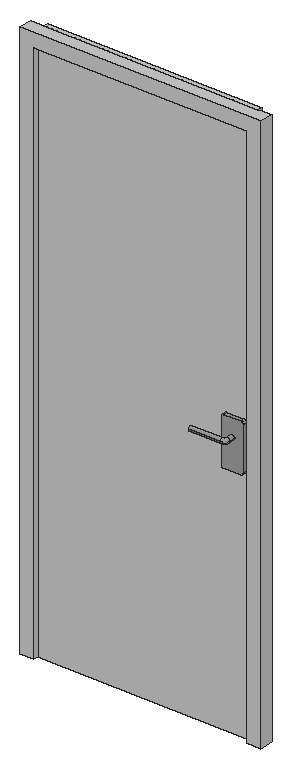
Revit family "AVLN_Дверь_Калитка", category Двери, Revit 2021
Family settings
  Основа = Стена
  Номер OmniClass = 23.30.10.00
  Заголовок OmniClass = Doors
  Всегда вертикально = Да
  При загрузке вырезать с полостями = Нет
  Общий = Нет
  Точка принадлежности помещению = Нет
Parameters (values of type "900х2050(h)_Калитка_П")
  Ширина полотна [instance] = Width - Монтажный зазор * 2 - Коробка толщина * 2  # 800 mm
  Тонкая линия проема = yes
  Толщина = 30 mm  # constant formula
  С1 [instance] = if(Смещение проема = 0 mm, 1 mm, 0 mm)  # 0 mm
  Порог_наружный_смещение [instance] = 50 mm
  Порог_внутренний_смещение [instance] = 50 mm
  Порог_внуренний [instance] = no
  Порог [instance] = no
  Определить тепловые свойства по = Тип схем
  Описание = "Дверь деревянная глухая межкомнатаная"
  Смещение проема [instance] = 50 mm
  Смещение внутрь = 0 mm
  Ручка смещение = 60 mm  # constant formula
  Ручка высота = 1000 mm  # constant formula
  Рабочая зона = no
  Rough Width = Width - Монтажный зазор * 2  # 900 mm
  Rough Height = Height - Монтажный зазор  # 2050 mm
  Правая = yes
  Окрывание 30° = yes
  Монтажный зазор сверху [instance] = if(Смещение проема = 0 mm, Монтажный зазор, Монтажный зазор)  # 0 mm
  Монтажный зазор = 0 mm  # constant formula
  Матиал_Коробка = Сталь
  Материал_Рабочая зона = none
  Материал_Полотно = Профилированный лист
  Материал_Монтажный зазор = Монтажный зазор
  Материал_Стекло = Остекление
  Материал_Дверной ручки = По умолчанию
  Левая = not(Правая)  # no
  Коробка.Профиль = 1 mm  # constant formula
  Коробка толщина = 50 mm  # constant formula
  Type Comments = ""
  Заполнение под проемом_Видимость [instance] = if(Смещение проема = 0 mm, 1 = 0, 1 = 1)  # yes
  Функция = Наружные слои
  Группа модели = "Калитка"
  Height = 2050 mm
  Замыкание стены = По основе
  Width = 900 mm
  Аналитическая конструкция = "<Нет>"
  АВЛН_Проем_Ширина [instance] = Width  # 900 mm
  АВЛН_Проем_Высота [instance] = Height + Смещение проема  # 2100 mm
  ADSK_Размер_Высота [instance] = if(Смещение проема = 0 mm, Height, Height)  # 2050 mm
  ADSK_Примечание [instance] = ""
  ADSK_Позиция [instance] = ""
  ADSK_Обозначение = "Индивидуальное изготовление"
  ADSK_Наименование = "ДСВ Оп 2090-900 Пр"
  ADSK_Масса = 0
  ADSK_Марка [instance] = ""
  ADSK_Количество [instance] = 0
  ADSK_Единица измерения [instance] = ""
Types (4, lengths in mm): name | Rough Height | Правая | Левая | Type Comments | Height | АВЛН_Проем_Высота | ADSK_Размер_Высота | ADSK_Обозначение | ADSK_Наименование
  900х2050(h)_Калитка_П | 2050 | yes | no | "" | 2050 | 2100 | 2050 | "Индивидуальное изготовление" | "ДСВ Оп 2090-900 Пр"
  900х2050(h)_Калитка_Л | 2050 | no | yes | "" | 2050 | 2100 | 2050 | "Индивидуальное изготовление" | "ДСВ Оп 2090-900 Л"
  900х2090(h)_Калитка_П | 2090 | yes | no | "Двери внутренние" | 2090 | 2140 | 2090 | "ГОСТ 31173-2016" | "ДСВ Оп 2090-900 Прг Пр Н П2лс"
  900х2090(h)_Калитка_Л | 2090 | no | yes | "Двери внутренние" | 2090 | 2140 | 2090 | "ГОСТ 31173-2016" | "ДСВ Оп 2090-900 Прг Л Н П2лс"
Reference planes
  plane 1: y = 0
  plane 2 "По центру (Влево/Вправо)": x = 0
  plane 3 "Слева": x = -450
  plane 4 "Справа": x = 450
  plane 5: z = 2100
  plane 6 "Наружный": y = 150
  plane 7 "Внутренние": y = -150
  plane 8: z = 50
  plane 9: x = -450
  plane 10: x = 450
  plane 11: x = 400
  plane 12: x = -400
  plane 13: z = 2100
  plane 14: z = 2050
  plane 15 "Полотно_Н": y = 150
  plane 16 "Полотно_В": y = 120
  plane 17: x = -340
  plane 18: x = 340
  plane 19: z = 1000
  plane 20: z = 1050
  plane 21 "Короб_В": y = 100
  plane 22: x = -399
  plane 23: x = 399
  plane 24: z = 2049
  plane 25: y = 1050
  plane 26: x = 300
  plane 27: z = 1950
  plane 28: x = -300
  plane 29: z = 1200
  plane 30: y = 135
  plane 31: y = 142.5
  plane 32: y = 127.5
  plane 33: y = 200
  plane 34: y = -200
  plane 35: z = 50
Forms (mm)
  Extrusion 1, solid, material "Профилированный лист" <- "Материал_Полотно", detail levels fine
    sketch origin (0, 150, 0) x (1, 0, 0) y (0, 0, 1)
      loop
        line (400, 2100) -> (-400, 2100) -> (-400, 50) -> (400, 50) -> (400, 2100)
    from -15 to 0
  Sweep 2, solid, material "Сталь" <- "Матиал_Коробка"
    path origin (0, 150, 0) x (-1, 0, 0) y (0, 0, 1)
      loop
        line (400, 0) -> (400, 2050) -> (-400, 2050) -> (-400, 0)
    profile origin (-400, 150, 1025) x (0, 1, 0) y (-1, 0, 0)
      loop
        line (0, 50) -> (-50, 50) -> (-50, -1) -> (-30, -1) -> (-30, 0) -> (0, 0) -> (0, 50)
  Extrusion 3, void
    sketch origin (0, 0, 0) x (1, 0, 0) y (0, 1, 0)
      loop
        line (-450, 1050) -> (-450, 150) -> (450, 150) -> (450, 1050) -> (-450, 1050)
    from 50 to 2100
  Extrusion 4, solid, material "Профилированный лист" <- "Материал_Полотно"
    sketch origin (0, 150, 0) x (1, 0, 0) y (0, 0, 1)
      loop
        line (400, 2050) -> (-400, 2050) -> (-400, 0) -> (400, 0) -> (400, 2050)
    from 0 to 30
Lines and regions (mm)
  Opening 1
    outline origin (-3050, -150, 0) x (1, 0, 0) y (0, 0, 1)
      loop
        line (2600, 0) -> (3500, 0) -> (3500, 2100) -> (2600, 2100) -> (2600, 0)
  Masking region 1, visible <- "Тонкая линия проема"
    outline origin (95.796, -283.072, 0) x (1, 0, 0) y (0, 1, 0)
      loop
        line (-549.745, 443.072) -> (-545.796, 433.072) -> (-545.796, 133.072) -> (-545.796, 123.072) -> (354.204, 123.072) -> (354.204, 133.072) -> (354.204, 433.072) -> (356.729, 443.072) -> (-549.745, 443.072)
  model lines, style "Открывание_Внутрь", visible <- "Левая"
    curve 1: line (399, 120, 2049) -> (-399, 120, 1050)
    curve 2: line (-399, 120, 1050) -> (399, 120, 0)
  model lines, style "Открывание_Внутрь", visible <- "Правая"
    curve 3: line (-399, 120, 0) -> (399, 120, 1050)
    curve 4: line (399, 120, 1050) -> (-399, 120, 2049)
  model lines, style "Открывание_Наружу", visible <- "Правая"
    curve 5: line (-400, 165, 0) -> (399, 165, 1050)
    curve 6: line (399, 165, 1050) -> (-400, 165, 2050)
  model lines, style "Открывание_Наружу", visible <- "Левая"
    curve 7: line (400, 150, 2050) -> (-399, 150, 1050)
    curve 8: line (-399, 150, 1050) -> (400, 150, 0)
  model lines, style "Рабочая зона", visible <- "Рабочая зона"
    curve 9: line (-450, 150, 0) -> (-450, 1050, 0)
    curve 10: line (-450, 1050, 0) -> (450, 1050, 0)
    curve 11: line (450, 150, 0) -> (450, 1050, 0)
  symbolic lines, style "Порог", visible <- "Порог_внуренний"
    curve 12: line (-450, -200, 0) -> (450, -200, 0)
  symbolic lines, style "Порог", visible <- "Порог"
    curve 13: line (-450, 200, 0) -> (450, 200, 0)
Text (mm)
  text "Наружный" at (-2295.016, 1099.543, 0), in view "Опорный уровень"
  text "Наружный" at (0, 1615.38, 3698.081), in view "Слева"
  text "Наружный" at (0, 1036.032, 3874.932), in view "Справа"
Dimensions and locks
  equal spacing: plane 3 "Слева", plane 2 "По центру (Влево/Вправо)", plane 4 "Справа"
  "Width": plane 3 "Слева" to plane 4 "Справа"
  host wall to plane 5 = 2564.966 mm  (x2)
  locked: plane 6 "Наружный" to host wall
  locked: plane 7 "Внутренние" to host wall
  level to plane 8 = 50 mm
  "ADSK_Размер_Высота": plane 8 to plane 5
  "Монтажный зазор": plane 3 "Слева" to plane 9
  "Монтажный зазор": plane 10 to plane 4 "Справа"
  "Смещение внутрь": plane 15 "Полотно_Н" to plane 6 "Наружный"
  "Толщина": plane 15 "Полотно_Н" to plane 16 "Полотно_В"
  "Монтажный зазор сверху": plane 13 to plane 5
  "Коробка толщина": plane 14 to plane 13
  "Коробка толщина": plane 12 to plane 9
  "Коробка толщина": plane 11 to plane 10
  "Смещение проема": plane 8 to level
  "Ручка высота": level to plane 19
  "Ручка смещение": plane 12 to plane 17
  "Ручка смещение": plane 18 to plane 11
  equal spacing: level, plane 20, plane 5
  equal spacing: plane 7 "Внутренние", plane 1, plane 6 "Наружный"
  "Коробка толщина": plane 15 "Полотно_Н" to plane 21 "Короб_В"
  "Коробка.Профиль": plane 12 to plane 22
  "Коробка.Профиль": plane 23 to plane 11
  "Коробка.Профиль": plane 14 to plane 24
  "Width": plane 25 to plane 15 "Полотно_Н"
  plane 26 to plane 11 = 100 mm
  plane 12 to plane 28 = 100 mm
  plane 27 to plane 14 = 100 mm
  level to plane 29 = 1200 mm
  equal spacing: plane 15 "Полотно_Н", plane 30, plane 16 "Полотно_В"
  equal spacing: plane 32, plane 30, plane 31
  plane 32 to plane 31 = 15 mm
  "Порог_наружный_смещение": plane 6 "Наружный" to plane 33
  "Порог_внутренний_смещение": plane 34 to plane 7 "Внутренние"
  "С1": plane 8 to plane 35
  equal spacing: group 9, group 8, group 7, group 6, group 5, group 4, group 3, group 2, group 1
  equal spacing: group 1, group 2, group 3, group 4, group 5, group 6, group 7, group 8, group 9  (x2)
  aligned and locked: plane 3 "Слева" to Opening 1 sketch curve
  aligned and locked: Opening 1 sketch curve to plane 4 "Справа"
  aligned and locked: plane 1 to host wall
  aligned and locked: nested 1 to plane 16 "Полотно_В"
  aligned and locked: nested 2 to plane 15 "Полотно_Н"
  aligned and locked: plane 15 "Полотно_Н" to nested 4
  aligned and locked: plane 16 "Полотно_В" to nested 3
  aligned and locked: plane 5 to Opening 1 sketch curve
  aligned and locked: nested 2 to plane 19
  aligned and locked: plane 19 to nested 4
  aligned and locked: plane 19 to nested 1
  aligned and locked: nested 3 to plane 19
  aligned and locked: plane 18 to nested 4
  aligned and locked: plane 17 to nested 2
  aligned and locked: nested 3 to plane 18
  aligned and locked: nested 1 to plane 17
  aligned and locked: nested 5 to plane 4 "Справа"
  aligned and locked: plane 3 "Слева" to nested 5
  aligned and locked: nested 5 to plane 15 "Полотно_Н"
  aligned and locked: nested 6 to plane 3 "Слева"
  aligned and locked: plane 4 "Справа" to nested 6
  aligned and locked: plane 15 "Полотно_Н" to nested 6
  aligned and locked: plane 11 to Sweep 2 sketch curve
  aligned and locked: plane 14 to Sweep 2 sketch curve
  aligned and locked: plane 12 to Sweep 2 sketch curve  (x2)
  aligned and locked: plane 15 "Полотно_Н" to Sweep 2 sketch curve
  aligned and locked: plane 9 to Sweep 2 sketch curve
  aligned and locked: plane 22 to Sweep 2 sketch curve
  aligned and locked: plane 21 "Короб_В" to Sweep 2 sketch curve
  aligned and locked: plane 16 "Полотно_В" to Sweep 2 sketch curve
  aligned and locked: plane 22 to curve 4
  aligned and locked: plane 24 to curve 4
  aligned and locked: plane 24 to curve 1
  aligned and locked: plane 23 to curve 1
  aligned and locked: plane 22 to curve 1
  aligned and locked: plane 20 to curve 2
  aligned and locked: plane 23 to curve 4
  aligned and locked: plane 20 to curve 3
  aligned and locked: Sweep 2 to curve 3
  aligned and locked: level to curve 3
  aligned and locked: Sweep 2 to curve 2
  aligned and locked: level to curve 2
  aligned and locked: curve 9 to plane 3 "Слева"
  aligned and locked: curve 10 to plane 25
  aligned and locked: curve 11 to plane 4 "Справа"
  aligned and locked: plane 15 "Полотно_Н" to curve 9
  aligned and locked: plane 15 "Полотно_Н" to curve 11
  aligned and locked: Extrusion 3 sketch curve to plane 25
  aligned and locked: Extrusion 3 sketch curve to plane 3 "Слева"
  aligned and locked: Extrusion 3 sketch curve to plane 15 "Полотно_Н"
  aligned and locked: Extrusion 3 sketch curve to plane 4 "Справа"
  aligned and locked: Extrusion 3 to plane 5
  aligned and locked: plane 11 to Extrusion 4 sketch curve
  aligned and locked: plane 14 to Extrusion 4 sketch curve
  aligned and locked: plane 12 to Extrusion 4 sketch curve
  aligned and locked: level to Extrusion 4 sketch curve
  aligned and locked: plane 15 "Полотно_Н" to Extrusion 4
  aligned and locked: Extrusion 4 to plane 16 "Полотно_В"
  aligned and locked: curve 6 to curve 4
  aligned and locked: curve 8 to curve 2
  aligned and locked: Masking region 1 sketch curve to curve 9
  aligned and locked: plane 6 "Наружный" to Masking region 1 sketch curve
  aligned and locked: host wall to Masking region 1 sketch curve  (x2)
  aligned and locked: plane 3 "Слева" to Masking region 1
  aligned and locked: Masking region 1 to plane 4 "Справа"
  aligned and locked: plane 3 "Слева" to curve 13
  aligned and locked: plane 4 "Справа" to curve 13
  aligned and locked: curve 13 to plane 33
  aligned and locked: curve 12 to plane 34
  aligned and locked: Extrusion 3 to plane 8
  aligned and locked: Sweep 2 sketch curve to host wall  (x2)
  aligned and locked: plane 13 to Extrusion 1
  aligned and locked: Extrusion 1 to Sweep 2
  aligned and locked: Extrusion 1 to host wall
  aligned and locked: Extrusion 1 to nested 2
  aligned and locked: Sweep 2 to Extrusion 1
  aligned and locked: Extrusion 1 to plane 8
  aligned and locked: Opening 1 sketch curve to level
  aligned and locked: Extrusion 4 to level
Automatic sketch dimensions
  plane 12 to Extrusion 1 sketch curve = 0 mm
  Extrusion 1 sketch curve to plane 8 = 0 mm
  plane 11 to Extrusion 1 sketch curve = 0 mm
  Extrusion 1 sketch curve to plane 13 = 0 mm
  curve 12 to plane 3 "Слева" = 0 mm
  curve 12 to plane 4 "Справа" = 0 mm
  curve 8 to level = 0 mm
  plane 11 to curve 8 = 0 mm
  plane 11 to curve 7 = 0 mm
  curve 8 to plane 20 = 0 mm
  curve 7 to plane 14 = 0 mm
  Masking region 1 sketch curve to plane 4 "Справа" = 0 mm
  Masking region 1 sketch curve to host wall = 0 mm
  Masking region 1 sketch curve to plane 9 = 3.949 mm
  plane 10 to Masking region 1 sketch curve = 2.525 mm
  host wall to Masking region 1 sketch curve = 10 mm  (x2)
  plane 12 to curve 6 = 0 mm
  curve 5 to level = 0 mm
  plane 12 to curve 5 = 0 mm
  curve 6 to plane 20 = 0 mm
  curve 6 to plane 14 = 0 mm
Nested families
  nested 1: "Дв_Дверная ручка" at (-340, 120, -40), visible <- "Левая", type "Дв_Дверная ручка", detail levels fine
    with Высота расположения дверной ручки 1040 mm
  nested 2: "Дв_Дверная ручка" at (-340, 150, -40), visible <- "Левая", type "Дв_Дверная ручка", detail levels fine
    with Высота расположения дверной ручки 1040 mm
  nested 3: "Дв_Дверная ручка" at (340, 120, -40) x (-1, 0, 0) z (0, 0, 1), visible <- "Правая", type "Дв_Дверная ручка", detail levels fine
    with Высота расположения дверной ручки 1040 mm
  nested 4: "Дв_Дверная ручка" at (340, 150, -40) x (-1, 0, 0) z (0, 0, 1), visible <- "Правая", type "Дв_Дверная ручка", detail levels fine
    with Высота расположения дверной ручки 1040 mm
  nested 5: "АС-Однопольная-Обозначение на плане" at (0, 150, 0), Width <- "Width", Толщина <- "Толщина", Коробка.Толщина <- "Коробка толщина", Height <- "Rough Height", Полотно.Ширина <- "Ширина полотна", Rough Width <- "Rough Width", visible <- "Левая", Коробка.Ширина <- "Коробка.Профиль", type "АС-Стандарт"
    with Width 900 mm, Толщина 30 mm, Rough Width 900 mm, Полотно.Ширина 800 mm, Коробка.Ширина 1 mm, Коробка.Толщина 50 mm, Height 2050 mm
  nested 6: "АС-Однопольная-Обозначение на плане" at (0, 150, 0) x (-1, 0, 0) z (0, 0, 1), Width <- "Width", Толщина <- "Толщина", Коробка.Толщина <- "Коробка толщина", Height <- "Rough Height", Полотно.Ширина <- "Ширина полотна", Rough Width <- "Rough Width", visible <- "Правая", Коробка.Ширина <- "Коробка.Профиль", type "АС-Стандарт"
    with Width 900 mm, Толщина 30 mm, Rough Width 900 mm, Полотно.Ширина 800 mm, Коробка.Ширина 1 mm, Коробка.Толщина 50 mm, Height 2050 mm
Definition of nested family "Дв_Дверная ручка"
  Parameters (values of type "Дв_Дверная ручка")
    Материал дверной ручки = none
    Высота расположения дверной ручки [instance] = 1040 mm
    Analytic Construction = "<Нет>"
  Reference planes
    plane 1 "По центру (Вперед/Назад)": y = 0
    plane 2: z = 0
    plane 3 "По центру (Влево/Вправо)": x = 0
    plane 4: z = 1040
    plane 5: x = -41.434
    plane 6: x = 41.434
    plane 7: z = 1106.663
    plane 8: z = 926.663
    plane 9: y = -15
  Forms (mm)
    Extrusion 1, solid, material <- "Материал дверной ручки"
      sketch origin (0, 0, 0) x (1, 0, 0) y (0, 0, 1)
        loop
          arc (-31.434, 1106.663) -> (-38.505, 1103.734) -> (-41.434, 1096.663) r 10
          line (-41.434, 1096.663) -> (-41.434, 936.663)
          arc (-41.434, 936.663) -> (-38.505, 929.591) -> (-31.434, 926.663) r 10
          line (-31.434, 926.663) -> (31.434, 926.663)
          arc (31.434, 926.663) -> (38.505, 929.591) -> (41.434, 936.663) r 10
          line (41.434, 936.663) -> (41.434, 1096.663)
          arc (41.434, 1096.663) -> (38.505, 1103.734) -> (31.434, 1106.663) r 10
          line (31.434, 1106.663) -> (-31.434, 1106.663)
      from 0 to 15
    Sweep 2, solid, material <- "Материал дверной ручки"
      path origin (0, 0, 0) x (1, 0, 0) y (0, 1, 0)
        loop
          line (0, -15) -> (0, -38.261)
          arc (0, -38.261) -> (2.929, -45.332) -> (10, -48.261) r 10
          line (10, -48.261) -> (130, -48.261)
      profile origin (0, -26.63, 0) x (1, 0, 0) y (0, 0, 1)
        loop
          circle (0, 1040) r 8
  Dimensions and locks
    "Высота расположения дверной ручки": plane 4 to level
    plane 7 to plane 8 = 180 mm
    plane 6 to plane 5 = 82.868 mm
    equal spacing: plane 6, plane 3 "По центру (Влево/Вправо)", plane 5
    locked: plane 1 "По центру (Вперед/Назад)" to plane 9 at 15
    aligned and locked: level to plane 2
    aligned and locked: Extrusion 1 sketch curve to plane 7
    aligned and locked: plane 5 to Extrusion 1 sketch curve
    aligned and locked: plane 8 to Extrusion 1 sketch curve
    aligned and locked: Extrusion 1 sketch curve to plane 6
    aligned and locked: Extrusion 1 to plane 1 "По центру (Вперед/Назад)"
    aligned and locked: plane 4 to Sweep 2
  Automatic sketch dimensions
    plane 5 to Extrusion 1 sketch curve = 10 mm
    Extrusion 1 sketch curve to Extrusion 1 sketch curve = 10 mm  (x2)
    Extrusion 1 sketch curve to plane 6 = 10 mm
    Sweep 2 sketch curve to plane 3 "По центру (Влево/Вправо)" = 0 mm
    plane 9 to Sweep 2 sketch curve = 0 mm
    Sweep 2 sketch curve to Sweep 2 sketch curve = 10 mm
    Sweep 2 sketch curve to Sweep 2 sketch curve = 23.261 mm
    Sweep 2 sketch curve to Sweep 2 sketch curve = 120 mm
    profile plane to Sweep 2 sketch curve = 0 mm
    level to Sweep 2 sketch curve = 1040 mm
    radius of Sweep 2 sketch curve = 8 mm
Definition of nested family "АС-Однопольная-Обозначение на плане"
  Parameters (values of type "АС-Стандарт")
    Полотно.Ширина [instance] = 900 mm
    Открывание двери 90 = not(Открывание двери 30)  # no
    Открывание двери 30 = yes
    Линия открывания (дуга) = not(Открывание двери 30)  # no
    Коробка.Ширина [instance] = 40 mm
    Коробка.Толщина [instance] = 80 mm
    Width [instance] = 1000 mm
    Thickness [instance] = 40 mm
    Rough Width [instance] = 960 mm
    Height [instance] = 2100 mm
    Default Elevation = 0 mm
    Analytic Construction = "<Нет>"
  Reference planes
    plane 1 "Center (Front/Back)": y = 0
    plane 2: z = 0
    plane 3 "Center (Left/Right)": x = 0
    plane 4 "Полотно.Слева": x = -480
    plane 5 "Полотно справа": x = 480
    plane 6 "Проем.Слева": x = -500
    plane 7 "Проем.Справа": x = 500
    plane 8 "Полотно. Внутренняя сторона": y = -40
    plane 9 "Коробка. Внутренняя сторона": y = -80
    plane 10 "Коробка.Внутренняя сторона слева": x = -450
    plane 11 "Коробка. Внутренняя сторона справа": x = 450
    plane 12 "2": x = -410
    plane 13 "3": x = 410
  Lines and regions (mm)
    Masking region 1, detail levels fine
      outline origin (0, 0, 0) x (1, 0, 0) y (0, 1, 0)
        loop
          line (-500, -80) -> (-480, -80) -> (-480, 0) -> (-500, 0) -> (-500, -80)
    Masking region 2, detail levels fine
      outline origin (0, 0, 0) x (1, 0, 0) y (0, 1, 0)
        loop
          line (500, -80) -> (500, 0) -> (480, 0) -> (480, -80) -> (500, -80)
    Masking region 3, detail levels fine
      outline origin (0, 0, 0) x (1, 0, 0) y (0, 1, 0)
        loop
          line (-480, 0) -> (-480, -80) -> (-410, -80) -> (-410, -40) -> (-450, -40) -> (-450, 0) -> (-480, 0)
    Masking region 4, detail levels fine
      outline origin (0, 0, 0) x (1, 0, 0) y (0, 1, 0)
        loop
          line (480, 0) -> (450, 0) -> (450, -40) -> (410, -40) -> (410, -80) -> (480, -80) -> (480, 0)
    Masking region 5, visible <- "Открывание двери 90", detail levels fine
      outline origin (0, 0, 0) x (1, 0, 0) y (0, 1, 0)
        loop
          line (450, 0) -> (450, 900) -> (410, 900) -> (410, 0) -> (450, 0)
    Masking region 6, visible <- "Открывание двери 30", detail levels fine
      outline origin (0, 0, 0) x (1, 0, 0) y (0, 1, 0)
        loop
          line (450, 0) -> (-329.423, 450) -> (-349.423, 415.359) -> (430, -34.641) -> (450, 0)
    symbolic lines, visible <- "Открывание двери 30", detail levels coarse+medium
      curve 1: line (500, 0, 0) -> (-366.025, 500, 0)
    symbolic lines, visible <- "Открывание двери 90", detail levels coarse+medium
      curve 2: line (500, 0, 0) -> (500, 1000, 0)
    symbolic lines, visible <- "Линия открывания (дуга)", detail levels coarse+medium
      curve 3: arc (500, 1000, 0) -> (-207.107, 707.107, 0) -> (-500, 0, 0) r 1000
    symbolic lines, visible <- "Линия открывания (дуга)", detail levels fine
      curve 4: arc (-450, 0, 0) -> (-186.396, 636.396, 0) -> (450, 900, 0) r 900
    model lines, not visible
      curve 5: line (0, 0, 0) -> (0, 0, 2100)
  Dimensions and locks
    "Thickness": plane 1 "Center (Front/Back)" to plane 8 "Полотно. Внутренняя сторона"  (x2)
    equal spacing: plane 4 "Полотно.Слева", plane 3 "Center (Left/Right)", plane 5 "Полотно справа"
    equal spacing: plane 6 "Проем.Слева", plane 3 "Center (Left/Right)", plane 7 "Проем.Справа"
    "Width": plane 6 "Проем.Слева" to plane 7 "Проем.Справа"
    "Rough Width": plane 4 "Полотно.Слева" to plane 5 "Полотно справа"
    plane 1 "Center (Front/Back)" to plane 9 "Коробка. Внутренняя сторона" = 80 mm
    "Коробка.Толщина": plane 9 "Коробка. Внутренняя сторона" to plane 1 "Center (Front/Back)"
    equal spacing: plane 10 "Коробка.Внутренняя сторона слева", plane 3 "Center (Left/Right)", plane 11 "Коробка. Внутренняя сторона справа"
    "Полотно.Ширина": plane 10 "Коробка.Внутренняя сторона слева" to plane 11 "Коробка. Внутренняя сторона справа"
    "Width": curve 1 to curve 1
    "Width": plane 1 "Center (Front/Back)" to curve 2
    "Коробка.Ширина": plane 10 "Коробка.Внутренняя сторона слева" to Masking region 3 sketch curve
    "Коробка.Ширина": Masking region 4 sketch curve to Masking region 4 sketch curve
    "Полотно.Ширина": plane 1 "Center (Front/Back)" to Masking region 5 sketch curve
    "Thickness": Masking region 5 sketch curve to plane 11 "Коробка. Внутренняя сторона справа"
    "Полотно.Ширина": Masking region 6 sketch curve to Masking region 6 sketch curve
    "Thickness": Masking region 6 sketch curve to Masking region 6 sketch curve
    "Height": curve 5 to level
    "Thickness": Masking region 5 to plane 11 "Коробка. Внутренняя сторона справа"
    "Thickness": Masking region 6 to Masking region 6
    "Коробка.Ширина": plane 10 "Коробка.Внутренняя сторона слева" to plane 12 "2"
    "Коробка.Ширина": plane 13 "3" to plane 11 "Коробка. Внутренняя сторона справа"
    "Width": radius of curve 3
    "Полотно.Ширина": radius of curve 4
    locked: curve 1 to plane 1 "Center (Front/Back)" (angle 30.00°)
    locked: Masking region 6 sketch curve to plane 1 "Center (Front/Back)" (angle 30.00°)
    aligned and locked: level to plane 2
    aligned and locked: plane 7 "Проем.Справа" to curve 2
    aligned and locked: plane 1 "Center (Front/Back)" to curve 2
    aligned and locked: Masking region 1 sketch curve to plane 9 "Коробка. Внутренняя сторона"
    aligned and locked: plane 6 "Проем.Слева" to Masking region 1 sketch curve
    aligned and locked: Masking region 1 sketch curve to plane 1 "Center (Front/Back)"
    aligned and locked: plane 4 "Полотно.Слева" to Masking region 1 sketch curve
    aligned and locked: plane 9 "Коробка. Внутренняя сторона" to Masking region 2 sketch curve
    aligned and locked: Masking region 2 sketch curve to plane 7 "Проем.Справа"
    aligned and locked: plane 1 "Center (Front/Back)" to Masking region 2 sketch curve
    aligned and locked: plane 5 "Полотно справа" to Masking region 2 sketch curve
    aligned and locked: Masking region 3 sketch curve to plane 4 "Полотно.Слева"
    aligned and locked: Masking region 3 sketch curve to plane 10 "Коробка.Внутренняя сторона слева"
    aligned and locked: Masking region 3 sketch curve to plane 1 "Center (Front/Back)"
    aligned and locked: Masking region 3 sketch curve to plane 9 "Коробка. Внутренняя сторона"
    aligned and locked: Masking region 3 sketch curve to plane 8 "Полотно. Внутренняя сторона"
    aligned and locked: Masking region 4 sketch curve to plane 5 "Полотно справа"
    aligned and locked: Masking region 4 sketch curve to plane 11 "Коробка. Внутренняя сторона справа"
    aligned and locked: Masking region 4 sketch curve to plane 9 "Коробка. Внутренняя сторона"
    aligned and locked: Masking region 4 sketch curve to plane 8 "Полотно. Внутренняя сторона"
    aligned and locked: Masking region 4 sketch curve to plane 1 "Center (Front/Back)"
    aligned and locked: curve 4 to Masking region 3
    aligned and locked: plane 11 "Коробка. Внутренняя сторона справа" to curve 4
    aligned and locked: Masking region 4 to Masking region 5 sketch curve
    aligned and locked: Masking region 5 sketch curve to Masking region 4
    aligned and locked: plane 11 "Коробка. Внутренняя сторона справа" to Masking region 6 sketch curve
    aligned and locked: plane 2 to curve 5
    aligned and locked: plane 3 "Center (Left/Right)" to curve 5
    aligned and locked: plane 11 "Коробка. Внутренняя сторона справа" to Masking region 5
    aligned and locked: plane 1 "Center (Front/Back)" to Masking region 5
  Automatic sketch dimensions
    plane 1 "Center (Front/Back)" to Masking region 6 sketch curve = 0 mm
